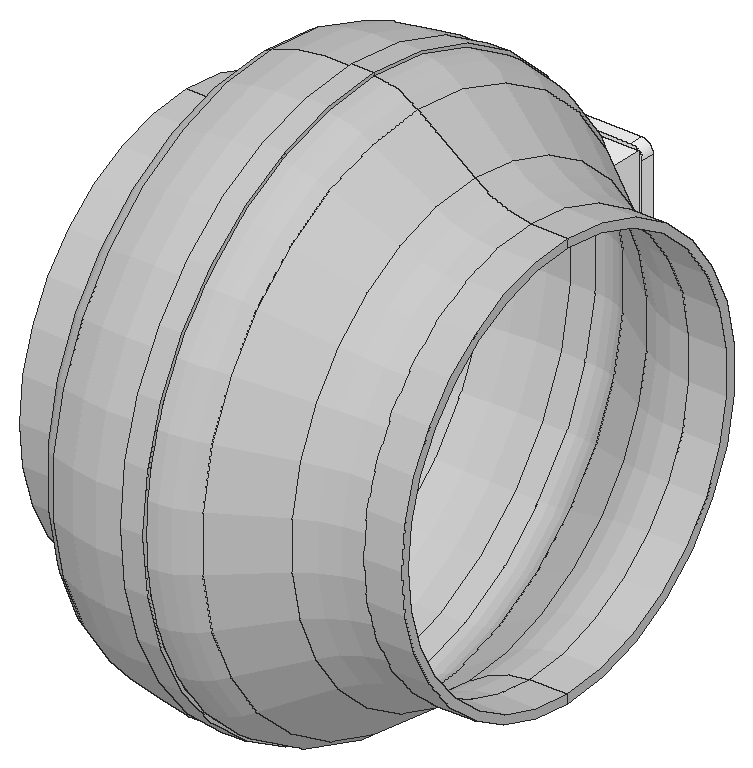
Revit family "CK 250 A AC_7000059", category Mechanical Equipment, Revit 2014
Parameters (values of type "CK 250 A AC")
  Wiring diagram = "4040001"
  Weight = 4.30 kg
  Voltage range = "220-240 / 50/60 V/Hz"
  Voltage = 230 V
  Speed = "2650 rpm"
  Sound pressure level at 3 m = "43 dB(A)"
  Power = 126 W
  Phase = 1
  Max. temperature of transported air when speed controlled = 60 °C
  Max. temperature of transported air = 60 °C
  Main Material = Steel, Galvanized
  Frequency = 50 Hz
  Elevation [instance] = 2772.5 mm
  Diameter = 249 mm
  Current = 0.56 A
  Capacitor = "4 μF"
Reference planes
  plane 1 "Center (Front/Back)": y = 0
  plane 2: z = 0
  plane 3 "Center (Left/Right)": x = 0
  plane 4: z = 2772.5
Dimensions and locks
  "Elevation": plane 4 to plane 2
  aligned and locked: level to plane 2
  aligned and locked: plane 1 "Center (Front/Back)" to nested 1
  aligned and locked: plane 3 "Center (Left/Right)" to nested 1
  aligned and locked: plane 1 "Center (Front/Back)" to nested 2
  aligned and locked: plane 3 "Center (Left/Right)" to nested 2
  aligned and locked: nested 1 to plane 4
Nested families
  nested 1: "CK 250 A AC_CK 250 B ErP AC_CK 250 A EC_CK 250 B EC_geometry" at (0, 0, 2600), type "CK 250 A AC_CK 250 B ErP AC_CK 250 A EC_CK 250 B EC_geometry"
  nested 2: "Flow direction symbol" at (0, 0, 0), type "Flow direction symbol"
Connectors
  hvac at (-114, 0, 2772.5), driven by "Diameter"
    settings: on nested 1, index 1, duct flow 0.0 L/s, flow factor 0, pres drop 0.0 Pa, loss coef 0, conn angle 0.00°, conn width 304.8 mm, conn height 304.8 mm, conn diameter 249 mm, duct sys type 1, conn prof type 0, flow config 0, flow direction 1, loss method 0, conn ref index -1, conn util no, is conn primary yes, conn desc ""
  hvac at (114, 0, 2772.5), driven by "Diameter"
    settings: on nested 1, index 2, duct flow 0.0 L/s, flow factor 0, pres drop 0.0 Pa, loss coef 0, conn angle 0.00°, conn width 304.8 mm, conn height 304.8 mm, conn diameter 249 mm, duct sys type 3, conn prof type 0, flow config 0, flow direction 2, loss method 0, conn ref index -1, conn util no, is conn primary no, conn desc ""
  electrical at (-52.252, 213.31, 2772.509), driven by "Phase", driven by "Voltage"
    settings: on nested 1, index 3, voltage 230 V, apparent load 0 VA, apparent load phase1 0 VA, apparent load phase2 0 VA, apparent load phase3 0 VA, power factor 1, load classification "Other", number of poles 1, system type 31, power factor state 1, is connector primary yes, connector utility no, sub classification motor no, connector description ""
Definition of nested family "CK 250 A AC_CK 250 B ErP AC_CK 250 A EC_CK 250 B EC_geometry"
  Parameters (values of type "CK 250 A AC_CK 250 B ErP AC_CK 250 A EC_CK 250 B EC_geometry")
    Main Material = Steel, Galvanized
  Reference planes
    plane 1 "Center (Front/Back)": y = 0
    plane 2: z = 0
    plane 3 "Center (Left/Right)": x = 0
    plane 4: z = 172.5
    plane 5: y = 213.31
    plane 6: y = 172.5
    plane 7: y = -172.5
    plane 8: x = -114
    plane 9: x = 114
    plane 10: z = 345
  Forms (mm)
    Revolve 1, solid, material "Steel, Galvanized" <- "Main Material", detail levels coarse
      sketch origin (0, 0, 0) x (1, 0, 0) y (0, 0, 1)
        loop
          arc (-55.46, 5.963) -> (-35.501, 2.961) -> (-15.481, 0.401) r 915.775
          arc (-15.481, 0.401) -> (-8.934, 0.051) -> (-2.396, 0.525) r 52.168
          arc (-2.396, 0.525) -> (11.553, 3.79) -> (24.64, 9.619) r 75.85
          line (24.64, 9.619) -> (60.578, 36.7)
          arc (60.578, 36.7) -> (75.243, 44.665) -> (91.594, 48) r 56.51
          line (91.594, 48) -> (114, 48) -> (114, 172.5) -> (-114, 172.5) -> (-114, 48) -> (-86.131, 48)
          arc (-86.131, 48) -> (-82.694, 46.969) -> (-80.391, 44.218) r 6.246
          line (-80.391, 44.218) -> (-77.833, 32.183)
          arc (-77.833, 32.183) -> (-71.463, 14.964) -> (-55.46, 5.963) r 26.623
        axis (-114, 172.5) -> (114, 172.5)
      angle from 0 to 360
    Extrusion 2, solid, material "Plastic", detail levels medium+fine
      sketch origin (-8.75, 53.648, 50) x (1, 0, 0) y (0, 0, 1)
        loop
          line (-4.004, 163.259) -> (-83, 163.259)
          arc (-83, 163.259) -> (-87.95, 161.209) -> (-90, 156.259) r 7
          line (-90, 156.259) -> (-90, 90.259)
          arc (-90, 90.259) -> (-87.071, 83.188) -> (-80, 80.259) r 10
          line (-80, 80.259) -> (-7.004, 80.259)
          arc (-7.004, 80.259) -> (0.067, 83.188) -> (2.996, 90.259) r 10
          line (2.996, 90.259) -> (2.996, 156.259)
          arc (2.996, 156.259) -> (0.945, 161.209) -> (-4.004, 163.259) r 7
      from -159.662 to -151.628
    Extrusion 3, solid, material "Plastic", detail levels medium+fine
      sketch origin (-8.75, 53.648, 50) x (0, 1, 0) y (0, 0, 1)
        loop
          line (118.852, 161.259) -> (118.852, 81.741) -> (151.628, 81.741) -> (151.628, 161.259) -> (118.852, 161.259)
      from -88 to 1
    Revolve 4, solid, material "Steel, Galvanized" <- "Main Material", detail levels medium+fine
      sketch origin (0, 0, 0) x (1, 0, 0) y (0, 0, 1)
        loop
          line (114, 172.5) -> (-114, 172.5) -> (-114, 48) -> (-85.665, 48)
          arc (-85.665, 48) -> (-81.849, 46.666) -> (-79.695, 43.244) r 6.125
          line (-79.695, 43.244) -> (-77.706, 29.09)
          arc (-77.706, 29.09) -> (-72.684, 16.727) -> (-62.412, 8.208) r 27.371
          arc (-62.412, 8.208) -> (-39.338, 2.131) -> (-15.481, 1.686) r 100.136
          line (-15.481, 1.686) -> (-15.481, 0) -> (-2.012, 0) -> (-2.012, 1.772)
          arc (-2.012, 1.772) -> (12.005, 3.688) -> (24.23, 10.808) r 36.366
          line (24.23, 10.808) -> (58.03, 35.365)
          arc (58.03, 35.365) -> (74.007, 43.963) -> (91.695, 48) r 67.581
          line (91.695, 48) -> (114, 48) -> (114, 172.5)
        axis (114, 172.5) -> (-114, 172.5)
      angle from 0 to 360
    Revolve 5, void
      sketch origin (0, 0, 0) x (1, 0, 0) y (0, 0, 1)
        loop
          line (114, 172.5) -> (-114, 172.5) -> (-114, 53) -> (-85.665, 53)
          arc (-85.665, 53) -> (-78.638, 50.499) -> (-74.77, 44.121) r 11.125
          line (-74.77, 44.121) -> (-72.755, 29.786)
          arc (-72.755, 29.786) -> (-68.699, 19.749) -> (-60.405, 12.791) r 22.371
          arc (-60.405, 12.791) -> (-38.561, 7.071) -> (-15.984, 6.66) r 95.136
          line (-15.984, 6.66) -> (-1.713, 6.763)
          arc (-1.713, 6.763) -> (10.485, 8.453) -> (21.092, 14.709) r 31.366
          line (21.092, 14.709) -> (55.091, 39.41)
          arc (55.091, 39.41) -> (72.357, 48.684) -> (91.475, 53) r 72.581
          line (91.475, 53) -> (114, 53) -> (114, 172.5)
        axis (114, 172.5) -> (-114, 172.5)
      angle from 0 to 360
  Cuts and joins
    Revolve 5 cuts Revolve 4
  Dimensions and locks
    plane 6 to plane 7 = 345 mm
    aligned and locked: level to plane 2
Definition of nested family "Flow direction symbol"
  Parameters (values of type "Flow direction symbol")
    Warning = "!"
    Text = "DIMENSIONS OVERCONSTRAINT"
  Reference planes
    plane 1: y = 0
    plane 2: x = 0
  Lines and regions (mm)
    detail lines
      curve 1: line (-0.506, 0.877, 0) -> (-0.506, -0.877, 0)
      curve 2: line (1.012, 0, 0) -> (-0.506, -0.877, 0)
      curve 3: line (-0.506, 0.877, 0) -> (1.012, 0, 0)
      curve 4: circle (0, 0, 0) r 1 normal (0, 0, 1)
